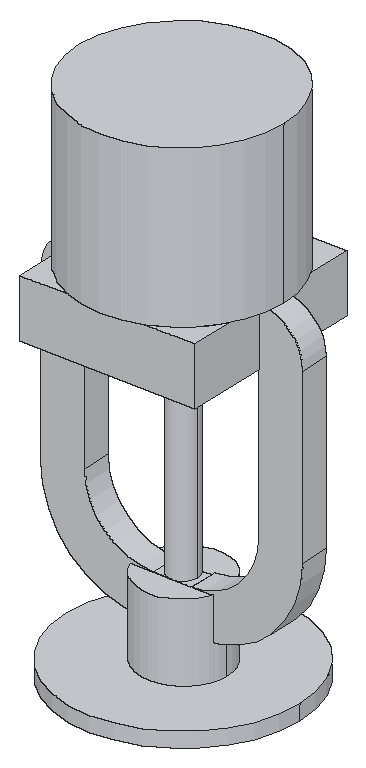
Revit family
Parameters (values of type "RASCO F156-300 PENDENT")
  Temperature Rating = 200 °F
  Response = (empty or 0)
  RASCO SIN # = "RA2514"
  RASCO Part # = "F56P3B3"
  Pressure Rating = "300 PSI"
  Pressure Class = 1
  Orifice Size = 1/2"
  Orifice = (empty or 0)
  Model = "F156-300"
  Manufacturer = "RASCO"
  K-Factor = 5.6
  Description = "Bronze Finish"
  Coverage = (empty or 0)
Reference planes (in)
  plane 1 "Center (Front/Back)": y = 0
  plane 2: z = 0
  plane 3 "Center (Left/Right)": x = 0
Dimensions and locks (in)
  aligned and locked: plane 2 to level
Nested families (in)
  nested 1: "F56P3B3" at (-0.0113, 0, 2.4375) x (-1, 0, 0) z (0, 0, -1), type "RASCO F156-300 PENDENT"
Connectors (in)
  piping at (-0.0113, 0, 2.4375)
    settings: on nested 1, index 1, connector radius 55/128", flow factor 0, pipe flow 0 GPM, pressure drop 0.00 psi, fitting loss kfactor 0, connector angle 0.00°, fixture units 0, flow configuration 0, flow direction 0, fitting loss method 0, system type 7, connector reference index -1, connector utility 0, adjustable connector no, is connector primary yes, fitting loss table "", connector description ""
Definition of nested family "F56P3B3"
  Parameters (values of type "RASCO F156-300 PENDENT")
    Type Comments = ""
    Temperature Rating = 0 °F
    Response = (empty or 0)
    Pressure Rating = "0"
    Pressure Class = (empty or 0)
    Orifice Size = 0"
    Orifice = (empty or 0)
    Model = ""
    Manufacturer = ""
    K-Factor = 0
    Description = ""
    Coverage = (empty or 0)
    Assembly Code = ""
  Reference planes (in)
    plane 1 "Center (Front/Back)": y = 0
    plane 2: z = 0
    plane 3 "ref.2": z = 0.6875
    plane 4 "ref.3": z = 0.9375
    plane 5: x = -0.38065
    plane 6: x = 0.36935
    plane 7 "ref. side 1": y = 0.06402
    plane 8 "ref. side 2": y = -0.06098
    plane 9 "ref.4": z = 1.875
    plane 10 "ref.5": z = 2.3125
    plane 11 "ref.6": z = 2.4375
  Forms (in)
    Extrusion 1, solid
      sketch origin (0, 0, 0) x (1, 0, 0) y (0, 1, 0)
        loop
          circle (0, 0) r 0.4379
      from 0 to 0.6875
    Extrusion 2, solid
      sketch origin (-0.12185, 0.05177, 0.6875) x (1, 0, 0) y (0, 1, 0)
        loop
          line (-0.2588, 0.356) -> (-0.2588, -0.4565) -> (0.4912, -0.4565) -> (0.4912, 0.356) -> (-0.2588, 0.356)
      from 0 to 0.25
    Extrusion 3, solid
      sketch origin (0, 0, 0) x (1, 0, 0) y (0, 0, 1)
        loop
          line (-0.38065, 0.68754) -> (-0.38065, 1.58397)
          arc (-0.38065, 1.58397) -> (-0.29541, 1.78976) -> (-0.08962, 1.875) r 0.29103
          line (-0.08962, 1.875) -> (0.07524, 1.875)
          arc (0.07524, 1.875) -> (0.28321, 1.78886) -> (0.36935, 1.58089) r 0.29411
          line (0.36935, 1.58089) -> (0.36935, 0.68751)
          arc (0.36935, 0.68751) -> (0.50207, 0.74393) -> (0.55685, 0.87734) r 0.18984
          line (0.55685, 0.87734) -> (0.55685, 1.61676)
          arc (0.55685, 1.61676) -> (0.42629, 1.93194) -> (0.11111, 2.0625) r 0.44574
          line (0.11111, 2.0625) -> (-0.12259, 2.0625)
          arc (-0.12259, 2.0625) -> (-0.43765, 1.932) -> (-0.56815, 1.61694) r 0.44556
          line (-0.56815, 1.61694) -> (-0.56815, 0.87876)
          arc (-0.56815, 0.87876) -> (-0.51345, 0.74486) -> (-0.38065, 0.68754) r 0.19126
      from -0.06402 to 0.06098
    Extrusion 4, solid
      sketch origin (0, 0, 0.9375) x (-1, 0, 0) y (0, -1, 0)
        loop
          circle (0.00574, -0.00152) r 0.0625
      from 0 to 0.9375
    Extrusion 5, solid
      sketch origin (0, 0, 1.875) x (-1, 0, 0) y (0, -1, 0)
        loop
          circle (0.00574, -0.00152) r 0.1875
      from 0 to 0.4375
    Extrusion 6, solid
      sketch origin (0, 0, 2.3125) x (0, -1, 0) y (1, 0, 0)
        loop
          circle (-0.00152, -0.00574) r 0.5
      from -0.10531 to -0.03987
  Cuts and joins
    joined: Extrusion 1, Extrusion 2, Extrusion 4
  Lines and regions (in)
    model lines
      curve 1: line (-0.00574, 0.06402, 1.875) -> (-0.00574, -0.06098, 1.875)
